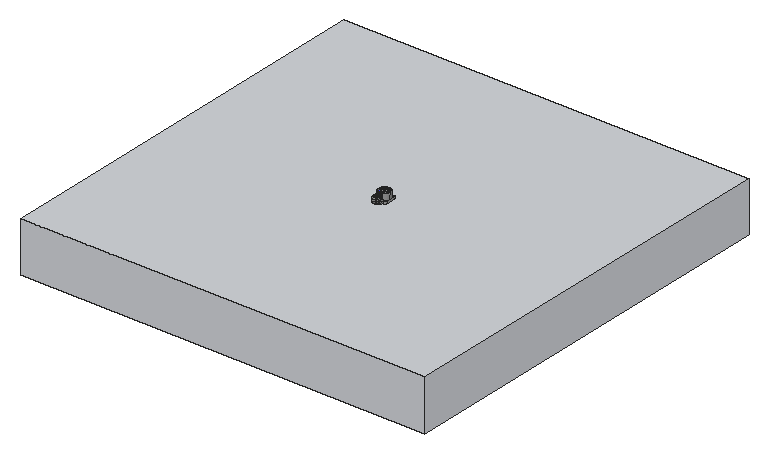
Revit family "Hekatron_Feststellanlagen_THM 443_DE_22.01", category Brandmelder, Revit 2018
Family settings
  Basisbauteil = Fläche
  Beschriftungsausrichtung beibehalten = Ja
  Bemaßung runder Anschluss = Durchmesser verwenden
  Teiletyp = Normal
  OmniClass-Nummer = 23.85.30.21
  OmniClass-Titel = Environmental Detection/Registration
  Beim Laden mit Abzugskörper schneiden = Nein
  Gemeinsam genutzt = Nein
  Raumberechnungspunkt = Nein
Parameters (values of type "THM 443")
  Zulässige Umgebungstemperatur = " 0 °C bis +50 °C"
  Zulässige Luftgeschwindigkeit = ""
  Zulassungen nach EN 54 = ""
  Width [instance] = 75 mm
  Version des BIM Objektes = "22.01"
  VdS-Anerkennung = ""
  URL = "https://www.hekatron-brandschutz.de"
  UB A&S Artikel Nummer = "6500132"
  Typenkommentare = "Türhaftmagnet THM 443"
  Tiefe (mm) = "75.0"
  Stromaufnahme = "max. 63mA"
  Schutzart = "IP 65"
  Rauchteil einstellbar = ""
  Nettogewicht (g) = ""
  Montageart = "Aufputz"
  Modell = "THM 443"
  Material = "Metall"
  Link zum Datenblatt = ""
  Link zu ausschreiben.de = "http://www.ausschreiben.de/katalog/Hekatron/position/71"
  Link zu Produktinformation = "https://www.hekatron-planungstools.de/Produktinfo/THM_443.PDF"
  Link zu Ausschreibungstext = "https://www.meinhplus.de/login"
  Leistungserklärung (DoP) = "CPR-31-13-501-de-en"
  Lautstärke DIN-Ton (dB) = ""
  Kabeleinführung = "unten"
  Höhe (mm) = "119.0"
  Hersteller = "Hekatron"
  Heigth [instance] = 117.7 mm
  Funktionsprinzip = ""
  Farbe = "Metall / Schwarz"
  Ex-Zonen = "2.0"
  Einstellung Temperaturklasse nach EN 54-5 = ""
  Einstellung Temperaturindex nach EN 54-5 = ""
  Einstellung Rauchempfindlichkeit nach EN 54-20 = ""
  Einstellen Rauchempfindlichkeit nach EN 54-7 = ""
  EG-Konformitätszertifikat / Zertifikat der Leistungsbeständigkeit = "0786-CPR-21370"
  Durchmesser (mm) = ""
  Depth [instance] = 43.3 mm
  Vorgabe-Ansicht = 1200 mm
  Breite (mm) = "43.0"
  Betriebsspannung = "24 V DC"
  Beschreibung = "Türhaftmagnet für Feststellanalgen an Abschlüssen in Feuchträumen und im Ex-Bereich 2. Mit Verpolschutz und Löschdiode. Passend zur Ankerplatte ASV 75."
  Bauartgenehmigungen = "Z-6.500-2359, Z-6.500-2393, Z-6.500-2394, Z-6.500-2414, Z-6.500-2415, Z-6.500-2365, Z-6.500-2403, Z-6.500-2419, Z-6.500-2441, Z-6.500-2442, Z-6.500-2436, Z-6.500-2450, Z-6.500-2451, Z-6.500-2452, Z-6.500-2457, Z-6.500-2499, Z-6.500-2515"
  Anzahl Ansaugleitungen = ""
  Ansprechtemperatur = ""
  Alarm- & Empfindlichkeitsbereich = ""
Reference planes
  plane 1 "Center (Front/Back)": y = 0
  plane 2: z = 0
  plane 3 "Center (Left/Right)": x = 0
Forms (mm)
  Extrusion 1, solid
    sketch origin (0, 0, 0) x (1, 0, 0) y (0, 1, 0)
      loop
        line (-1219.2, 1219.2) -> (-1219.2, -1219.2) -> (1219.2, -1219.2) -> (1219.2, 1219.2) -> (-1219.2, 1219.2)
    from 0 to -304.8
  Extrusion 2, solid, material "Iron, Cast"
    sketch origin (0, 0, 0) x (1, 0, 0) y (0, 1, 0)
      loop
        line (30, 37.5) -> (-30, 37.5)
        arc (-30, 37.5) -> (-35.303, 35.303) -> (-37.5, 30) r 7.5
        line (-37.5, 30) -> (-37.5, -30)
        arc (-37.5, -30) -> (-35.303, -35.303) -> (-30, -37.5) r 7.5
        line (-30, -37.5) -> (30, -37.5)
        arc (30, -37.5) -> (35.303, -35.303) -> (37.5, -30) r 7.5
        line (37.5, -30) -> (37.5, 30)
        arc (37.5, 30) -> (35.303, 35.303) -> (30, 37.5) r 7.5
      loop
        circle (-30, 30) r 2.75
      loop
        circle (30, 30) r 2.75
      loop
        circle (30, -30) r 2.75
      loop
        circle (-30, -30) r 2.75
    from 0.8 to 8
  Extrusion 3, solid
    sketch origin (0, 0, 0) x (1, 0, 0) y (0, 1, 0)
      loop
        circle (-30, 30) r 7.5
      loop
        circle (-30, 30) r 2.75
      loop
        circle (30, 30) r 7.5
      loop
        circle (30, 30) r 2.75
      loop
        circle (-30, -30) r 7.5
      loop
        circle (-30, -30) r 2.75
      loop
        circle (30, -30) r 7.5
      loop
        circle (30, -30) r 2.75
    from 0 to 0.8
  Blend 4, void
    base sketch origin (0, 0, 0) x (1, 0, 0) y (0, 1, 0)
      loop
        circle (-30, 30) r 5.25
    top sketch origin (0, 0, 0) x (1, 0, 0) y (0, 1, 0)
      loop
        circle (-30, 30) r 2.75
    from 8 to 5.5
  Blend 5, void
    base sketch origin (0, 0, 0) x (-1, 0, 0) y (0, -1, 0)
      loop
        circle (-30, -30) r 5.25
    top sketch origin (0, 0, 0) x (-1, 0, 0) y (0, -1, 0)
      loop
        circle (-30, -30) r 2.75
    from 8 to 5.5
  Blend 6, void
    base sketch origin (0, 0, 0) x (1, 0, 0) y (0, 1, 0)
      loop
        circle (-30, -30) r 5.25
    top sketch origin (0, 0, 0) x (1, 0, 0) y (0, 1, 0)
      loop
        circle (-30, -30) r 2.75
    from 8 to 5.5
  Blend 7, void
    base sketch origin (0, 0, 0) x (-1, 0, 0) y (0, -1, 0)
      loop
        circle (-30, 30) r 5.25
    top sketch origin (0, 0, 0) x (-1, 0, 0) y (0, -1, 0)
      loop
        circle (-30, 30) r 2.75
    from 8 to 5.5
  Extrusion 8, solid, material "Stainless Steel"
    sketch origin (0, 0, 0) x (1, 0, 0) y (0, 1, 0)
      loop
        circle (0, 0) r 35
      loop
        circle (0, 0) r 30
    from 8 to 43
  Extrusion 9, solid, material "Neodymium"
    sketch origin (0, 0, 0) x (1, 0, 0) y (0, 1, 0)
      loop
        circle (0, 0) r 30
      loop
        circle (0, 0) r 18.25
    from 8 to 43
  Extrusion 10, solid, material "Silver"
    sketch origin (0, 0, 0) x (1, 0, 0) y (0, 1, 0)
      loop
        circle (0, 0) r 18.25
      loop
        circle (0, 0) r 3
    from 8 to 43
  Extrusion 11, solid, material "Silver"
    sketch origin (0, 0, 0) x (1, 0, 0) y (0, 1, 0)
      loop
        circle (0, 0) r 3
    from 8 to 42.5
  Extrusion 12, solid, material "Brass, Soft Yellow"
    sketch origin (0, 0, 0) x (1, 0, 0) y (0, 1, 0)
      loop
        circle (0, 0) r 2.5
    from 42.5 to 43.3
  Extrusion 13, solid, material "Iron, Cast"
    sketch origin (0, 0, 0) x (1, 0, 0) y (0, 1, 0)
      loop
        line (-15, -34) -> (-15, -37.5) -> (15, -37.5) -> (15, -34) -> (12.5, -32.692)
        arc (12.5, -32.692) -> (0, -35) -> (-12.5, -32.692) r 35
        line (-12.5, -32.692) -> (-15, -34)
    from 10.6 to 40.4
  Extrusion 14, solid, material "Iron, Cast"
    sketch origin (0, 0, 0) x (1, 0, 0) y (0, 1, 0)
      loop
        line (-14.8, -46) -> (14.8, -46) -> (14.8, -37.5) -> (-14.8, -37.5) -> (-14.8, -46)
    from 10.8 to 40.2
  Extrusion 15, solid, material "Iron, Cast"
    sketch origin (0, 0, 0) x (1, 0, 0) y (0, 1, 0)
      loop
        line (-13.75, -49.5) -> (-13.75, -59.2) -> (13.75, -59.2) -> (13.75, -49.5) -> (-13.75, -49.5)
      loop
        line (-13.75, -62.2) -> (13.75, -62.2) -> (13.75, -60.7) -> (-13.75, -60.7) -> (-13.75, -62.2)
      loop
        line (-13.75, -63.7) -> (-13.75, -66.7) -> (13.75, -66.7) -> (13.75, -63.7) -> (-13.75, -63.7)
      loop
        line (-13.75, -68.2) -> (-13.75, -69.7) -> (13.75, -69.7) -> (13.75, -68.2) -> (-13.75, -68.2)
      loop
        line (-13.75, -71.2) -> (-13.75, -74.2) -> (13.75, -74.2) -> (13.75, -71.2) -> (-13.75, -71.2)
    from 11.7 to 39.3
  Extrusion 16, solid, material "Iron, Cast"
    sketch origin (0, 0, 0) x (1, 0, 0) y (0, 1, 0)
      loop
        line (-13.45, -59.2) -> (-13.45, -75.7) -> (13.45, -75.7) -> (13.45, -59.2) -> (-13.45, -59.2)
    from 12 to 39
  Extrusion 17, solid, material "Iron, Cast"
    sketch origin (0, 0, 0) x (1, 0, 0) y (0, 0, 1)
      loop
        line (-13.75, 39.3) -> (-13.75, 11.7) -> (13.75, 11.7) -> (13.75, 39.3) -> (-13.75, 39.3)
    from 75.7 to 80.2
  Sweep 18, void
    path in 3D
      loop
        line (-13.75, -80.2, 39.3) -> (-13.75, -80.2, 11.7) -> (13.75, -80.2, 11.7) -> (13.75, -80.2, 39.3) -> (-13.75, -80.2, 39.3)
    profile origin (0, -80.2, 39.3) x (0, -1, 0) y (0, 0, 1)
      loop
        line (0, 0) -> (-3, 0)
        arc (-3, 0) -> (-0.879, -0.879) -> (0, -3) r 3
        line (0, -3) -> (0, 0)
  Extrusion 19, solid, material "Iron, Cast"
    sketch origin (0, 0, 0) x (0, 1, 0) y (0, 0, 1)
      loop
        circle (-68.9, 25.5) r 11.3
    from 0 to 29.25
  Extrusion 20, solid, material "Iron, Cast"
    sketch origin (0, 0, 0) x (1, 0, 0) y (0, 1, 0)
      loop
        arc (-14.89, -46) -> (-15.391, -46.27) -> (-15.441, -46.836) r 0.6
        line (-15.441, -46.836) -> (-14.299, -49.5) -> (14.299, -49.5) -> (15.441, -46.836)
        arc (15.441, -46.836) -> (15.391, -46.27) -> (14.89, -46) r 0.6
        line (14.89, -46) -> (-14.89, -46)
    from 10 to 41
  Revolve 21, solid, material "Iron, Cast"
    sketch origin (0, 0, 25.5) x (1, 0, 0) y (0, 1, 0)
      loop
        line (31.15, -59.45) -> (29.25, -59.45) -> (29.25, -62.4) -> (34.25, -62.4) -> (34.25, -59.45) -> (33.25, -60.45) -> (32.15, -60.45) -> (31.15, -59.45)
      axis (29.25, -68.9) -> (34.25, -68.9)
    angle from 0 to 360
  Extrusion 22, solid, material "Iron, Cast"
    sketch origin (0, 0, 0) x (0, 1, 0) y (0, 0, 1)
      loop
        circle (-68.9, 25.5) r 6.5
      loop
        arc (-76.101, 31.619) -> (-77.084, 30.225) -> (-77.8, 28.677) r 9.45
        line (-77.8, 28.677) -> (-79.634, 25.5) -> (-77.8, 22.323)
        arc (-77.8, 22.323) -> (-77.084, 20.775) -> (-76.101, 19.381) r 9.45
        line (-76.101, 19.381) -> (-74.267, 16.204) -> (-70.599, 16.204)
        arc (-70.599, 16.204) -> (-68.9, 16.05) -> (-67.201, 16.204) r 9.45
        line (-67.201, 16.204) -> (-63.533, 16.204) -> (-61.699, 19.381)
        arc (-61.699, 19.381) -> (-60.716, 20.775) -> (-60, 22.323) r 9.45
        line (-60, 22.323) -> (-58.166, 25.5) -> (-60, 28.677)
        arc (-60, 28.677) -> (-60.716, 30.225) -> (-61.699, 31.619) r 9.45
        line (-61.699, 31.619) -> (-63.533, 34.796) -> (-67.201, 34.796)
        arc (-67.201, 34.796) -> (-68.9, 34.95) -> (-70.599, 34.796) r 9.45
        line (-70.599, 34.796) -> (-74.267, 34.796) -> (-76.101, 31.619)
    from 34.25 to 39.25
Cuts and joins
  Blend 4, Blend 5, Blend 6, Blend 7 cuts Extrusion 2
  joined: Extrusion 10, Extrusion 11
  Sweep 18 cuts Extrusion 17
  joined: Extrusion 13, Extrusion 14, Extrusion 15, Extrusion 16, Extrusion 17, Extrusion 19, Revolve 21
Lines and regions (mm)
  sketch lines
    curve 1: line (13.75, -80.2, 39.3) -> (-13.75, -80.2, 39.3)
    curve 2: line (-13.75, -80.2, 39.3) -> (-13.75, -80.2, 11.7)
    curve 3: line (-13.75, -80.2, 11.7) -> (13.75, -80.2, 11.7)
    curve 4: line (13.75, -80.2, 11.7) -> (13.75, -80.2, 39.3)
Dimensions and locks
  "Heigth": cut or joined group of Extrusion 2, Blend 4, Blend 5, Blend 6, Blend 7 to cut or joined group of Extrusion 13, Extrusion 14, Extrusion 15, Extrusion 16, Extrusion 17, Sweep 18, Extrusion 19, Revolve 21
  "Width": cut or joined group of Extrusion 2, Blend 4, Blend 5, Blend 6, Blend 7 to cut or joined group of Extrusion 2, Blend 4, Blend 5, Blend 6, Blend 7
  "Depth": Extrusion 12 to Extrusion 1
  aligned and locked: plane 2 to Extrusion 1
  aligned and locked: level to Extrusion 1
Automatic sketch dimensions
  Extrusion 1 sketch curve to Extrusion 1 sketch curve = 2438.4 mm  (x2)
  Extrusion 2 sketch curve to Extrusion 2 sketch curve = 0 mm  (x8)
  Extrusion 2 sketch curve to plane 3 "Center (Left/Right)" = 37.5 mm
  Extrusion 2 sketch curve to Extrusion 2 sketch curve = 7.5 mm  (x3)
  plane 3 "Center (Left/Right)" to Extrusion 2 sketch curve = 30 mm  (x2)
  plane 1 "Center (Front/Back)" to Extrusion 2 sketch curve = 37.5 mm
  Extrusion 2 sketch curve to plane 1 "Center (Front/Back)" = 30 mm
  Extrusion 3 sketch curve to Extrusion 3 sketch curve = 0 mm  (x8)
  Extrusion 3 sketch curve to plane 3 "Center (Left/Right)" = 30 mm  (x2)
  plane 3 "Center (Left/Right)" to Extrusion 3 sketch curve = 30 mm  (x2)
  plane 1 "Center (Front/Back)" to Extrusion 3 sketch curve = 30 mm  (x2)
  Extrusion 3 sketch curve to plane 1 "Center (Front/Back)" = 30 mm  (x2)
  Blend 4 sketch curve to plane 3 "Center (Left/Right)" = 30 mm  (x2)
  Blend 4 sketch curve to plane 1 "Center (Front/Back)" = 30 mm  (x2)
  Blend 4 sketch curve to Blend 4 sketch curve = 0 mm  (x2)
  Blend 4 sketch curve to Blend 4 sketch curve = 2.75 mm
  Blend 5 sketch curve to plane 3 "Center (Left/Right)" = 30 mm  (x2)
  plane 1 "Center (Front/Back)" to Blend 5 sketch curve = 30 mm  (x2)
  Blend 5 sketch curve to Blend 5 sketch curve = 0 mm  (x2)
  Blend 5 sketch curve to Blend 5 sketch curve = 2.75 mm
  plane 3 "Center (Left/Right)" to Blend 6 sketch curve = 30 mm  (x2)
  Blend 6 sketch curve to plane 1 "Center (Front/Back)" = 30 mm  (x2)
  Blend 6 sketch curve to Blend 6 sketch curve = 0 mm  (x2)
  Blend 6 sketch curve to Blend 6 sketch curve = 2.75 mm
  plane 3 "Center (Left/Right)" to Blend 7 sketch curve = 30 mm  (x2)
  plane 1 "Center (Front/Back)" to Blend 7 sketch curve = 30 mm  (x2)
  Blend 7 sketch curve to Blend 7 sketch curve = 0 mm  (x2)
  Blend 7 sketch curve to Blend 7 sketch curve = 2.75 mm
  Extrusion 8 sketch curve to Extrusion 8 sketch curve = 0 mm  (x2)
  plane 1 "Center (Front/Back)" to Extrusion 8 sketch curve = 0 mm
  Extrusion 8 sketch curve to plane 3 "Center (Left/Right)" = 0 mm
  Extrusion 9 sketch curve to Extrusion 9 sketch curve = 0 mm  (x6)
  plane 1 "Center (Front/Back)" to Extrusion 9 sketch curve = 0 mm
  Extrusion 9 sketch curve to plane 3 "Center (Left/Right)" = 0 mm
  Extrusion 9 sketch curve to Extrusion 9 sketch curve = 30 mm
  Extrusion 10 sketch curve to Extrusion 10 sketch curve = 0 mm  (x6)
  plane 1 "Center (Front/Back)" to Extrusion 10 sketch curve = 0 mm
  Extrusion 10 sketch curve to plane 3 "Center (Left/Right)" = 0 mm
  Extrusion 10 sketch curve to Extrusion 10 sketch curve = 18.25 mm
  Extrusion 11 sketch curve to Extrusion 11 sketch curve = 0 mm  (x2)
  plane 1 "Center (Front/Back)" to Extrusion 11 sketch curve = 0 mm
  Extrusion 11 sketch curve to plane 3 "Center (Left/Right)" = 0 mm
  Extrusion 11 sketch curve to Extrusion 11 sketch curve = 3 mm
  plane 1 "Center (Front/Back)" to Extrusion 12 sketch curve = 0 mm
  Extrusion 12 sketch curve to plane 3 "Center (Left/Right)" = 0 mm
  plane 1 "Center (Front/Back)" to Extrusion 13 sketch curve = 0 mm
  Extrusion 13 sketch curve to plane 3 "Center (Left/Right)" = 0 mm
  Extrusion 13 sketch curve to plane 3 "Center (Left/Right)" = 12.5 mm
  Extrusion 13 sketch curve to Extrusion 13 sketch curve = 2.5 mm  (x2)
  plane 3 "Center (Left/Right)" to Extrusion 13 sketch curve = 12.5 mm
  plane 1 "Center (Front/Back)" to Extrusion 13 sketch curve = 32.692 mm
  Extrusion 13 sketch curve to Extrusion 13 sketch curve = 1.308 mm  (x2)
  Extrusion 13 sketch curve to Extrusion 13 sketch curve = 3.5 mm
  Extrusion 14 sketch curve to plane 3 "Center (Left/Right)" = 14.8 mm
  plane 3 "Center (Left/Right)" to Extrusion 14 sketch curve = 14.8 mm
  plane 1 "Center (Front/Back)" to Extrusion 14 sketch curve = 46 mm
  Extrusion 14 sketch curve to Extrusion 14 sketch curve = 8.5 mm
  Extrusion 15 sketch curve to plane 3 "Center (Left/Right)" = 13.75 mm
  Extrusion 15 sketch curve to Extrusion 15 sketch curve = 0 mm  (x8)
  plane 3 "Center (Left/Right)" to Extrusion 15 sketch curve = 13.75 mm
  plane 1 "Center (Front/Back)" to Extrusion 15 sketch curve = 74.2 mm
  Extrusion 15 sketch curve to Extrusion 15 sketch curve = 3 mm  (x2)
  Extrusion 15 sketch curve to Extrusion 15 sketch curve = 1.5 mm  (x6)
  Extrusion 15 sketch curve to Extrusion 15 sketch curve = 9.7 mm
  Extrusion 16 sketch curve to plane 3 "Center (Left/Right)" = 13.45 mm
  plane 3 "Center (Left/Right)" to Extrusion 16 sketch curve = 13.45 mm
  plane 1 "Center (Front/Back)" to Extrusion 16 sketch curve = 75.7 mm
  Extrusion 16 sketch curve to Extrusion 16 sketch curve = 16.5 mm
  Extrusion 17 sketch curve to plane 3 "Center (Left/Right)" = 13.75 mm
  plane 3 "Center (Left/Right)" to Extrusion 17 sketch curve = 13.75 mm
  level to Extrusion 17 sketch curve = 11.7 mm
  Extrusion 17 sketch curve to Extrusion 17 sketch curve = 27.6 mm
  Sweep 18 sketch curve to profile plane = 0 mm  (x2)
  Sweep 18 sketch curve to Sweep 18 sketch curve = 3 mm
  level to Extrusion 19 sketch curve = 25.5 mm
  plane 1 "Center (Front/Back)" to Extrusion 19 sketch curve = 68.9 mm
  Extrusion 20 sketch curve to plane 3 "Center (Left/Right)" = 15.441 mm
  Extrusion 20 sketch curve to Extrusion 20 sketch curve = 0.551 mm  (x2)
  Extrusion 20 sketch curve to Extrusion 20 sketch curve = 1.142 mm
  plane 3 "Center (Left/Right)" to Extrusion 20 sketch curve = 14.299 mm
  Extrusion 20 sketch curve to Extrusion 20 sketch curve = 0.59 mm
  plane 1 "Center (Front/Back)" to Extrusion 20 sketch curve = 49.5 mm
  Extrusion 20 sketch curve to Extrusion 20 sketch curve = 2.664 mm  (x2)
  Extrusion 20 sketch curve to Extrusion 20 sketch curve = 0.236 mm
  plane 3 "Center (Left/Right)" to Revolve 21 sketch curve = 29.25 mm
  Revolve 21 sketch curve to Revolve 21 sketch curve = 1.9 mm
  Revolve 21 sketch curve to Revolve 21 sketch curve = 1 mm  (x3)
  Revolve 21 sketch curve to Revolve 21 sketch curve = 1.1 mm
  plane 1 "Center (Front/Back)" to Revolve 21 sketch curve = 62.4 mm
  Revolve 21 sketch curve to Revolve 21 sketch curve = 1.95 mm
  Revolve 21 sketch curve to Revolve 21 sketch curve = 2.95 mm
  Revolve 21 sketch curve to Revolve 21 sketch curve = 17.165 mm
  Revolve 21 sketch curve to Revolve 21 sketch curve = 12.068 mm
  Revolve 21 sketch curve to Revolve 21 sketch curve = 6.5 mm
  Extrusion 22 sketch curve to Extrusion 22 sketch curve = 0 mm  (x57)
  level to Extrusion 22 sketch curve = 25.5 mm  (x2)
  plane 1 "Center (Front/Back)" to Extrusion 22 sketch curve = 79.634 mm
  level to Extrusion 22 sketch curve = 28.677 mm  (x2)
  Extrusion 22 sketch curve to Extrusion 22 sketch curve = 1.834 mm  (x7)
  level to Extrusion 22 sketch curve = 22.323 mm  (x2)
  level to Extrusion 22 sketch curve = 19.381 mm  (x2)
  Extrusion 22 sketch curve to Extrusion 22 sketch curve = 1.699 mm  (x3)
  level to Extrusion 22 sketch curve = 31.619 mm
  Extrusion 22 sketch curve to Extrusion 22 sketch curve = 3.668 mm  (x3)
  Extrusion 22 sketch curve to Extrusion 22 sketch curve = 7.066 mm
  Extrusion 22 sketch curve to Extrusion 22 sketch curve = 3.398 mm
  Extrusion 22 sketch curve to Extrusion 22 sketch curve = 3.177 mm  (x3)
  Extrusion 22 sketch curve to Extrusion 22 sketch curve = 2.4 mm
  radius of Extrusion 2 sketch curve = 2.75 mm  (x4)
  radius of Extrusion 3 sketch curve = 7.5 mm  (x4)
  radius of Extrusion 3 sketch curve = 2.75 mm  (x4)
  radius of Blend 4 sketch curve = 5.25 mm
  radius of Blend 5 sketch curve = 5.25 mm
  radius of Blend 6 sketch curve = 5.25 mm
  radius of Blend 7 sketch curve = 5.25 mm
  radius of Extrusion 8 sketch curve = 35 mm
  radius of Extrusion 8 sketch curve = 30 mm
  radius of Extrusion 9 sketch curve = 18.25 mm
  radius of Extrusion 10 sketch curve = 3 mm
  radius of Extrusion 12 sketch curve = 2.5 mm
  radius of Extrusion 19 sketch curve = 11.3 mm
Connectors
  electrical at (0, 0, 0.8)
    settings: on cut or joined group of Extrusion 2, Blend 4, Blend 5, Blend 6, Blend 7, index 1, voltage 0 V, apparent load 0 VA, apparent load phase1 0 VA, apparent load phase2 0 VA, apparent load phase3 0 VA, power factor 1, load classification "Other", number of poles 1, system type 11, power factor state 1, is connector primary yes, connector utility no, sub classification motor no, connector description ""
